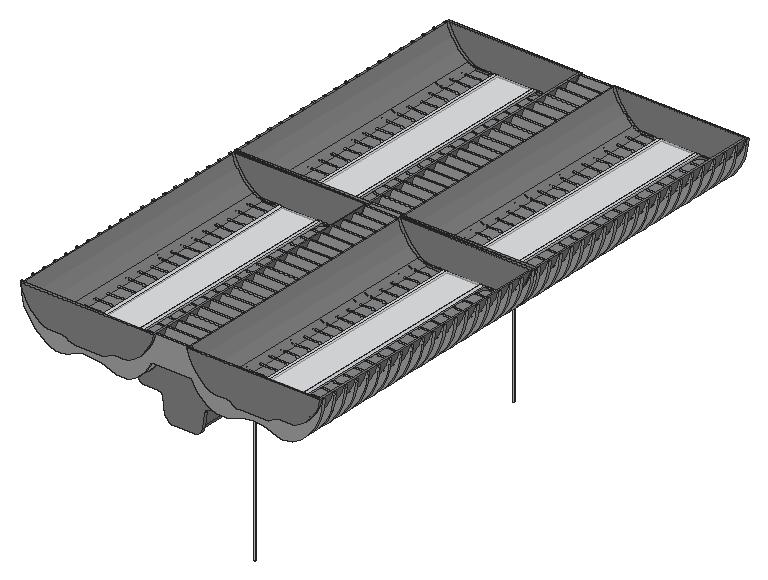
Revit family "0039265 Feilo Sylvania Lighting Fixtures SYLBAY LED 4000K 31KLM WIDE DALI", category Lighting Fixtures, host Face, Revit 2017
Family settings
  Host = Face
  Round Connector Dimension = Use Diameter
  Part Type = Normal
  OmniClass Number = 23.80.70.00
  OmniClass Title = Lighting
  Cut with Voids When Loaded = No
  Light Source = Yes
  Shared = No
  Room Calculation Point = No
Parameters (values of type "0039265 SYLBAY LED 4000K 31KLM WIDE DALI")
  WireRadius_FEILO = 1 mm
  Weight = "8.9 kg"
  Wattage Comments = "n/a"
  Wattage = 235 W
  WarrantyStartDate [instance] = "n/a"
  WarrantyGuarantorParts = "n/a"
  WarrantyDurationUnit = "n/a"
  WarrantyDurationParts = "n/a"
  WarrantyDescription = "n/a"
  built-in parameter 1150110 = 1 (stored number, unit not read)
  Voltage = 230 V
  URL = "http://www.sylvania-lighting.com"
  TypeName = "SYLBAY LED 4000K 31KLM WIDE DALI"
  Type Image = <None>
  Type Comments = "n/a"
  built-in parameter 1114217 = 1 (stored number, unit not read)
  Tilt Angle = -90.00°
  built-in parameter 1150109 = 1 (stored number, unit not read)
  built-in parameter 1150134 = 12
  SuspensionHeight_FEILO [instance] = if(SurfaceMounted_FEILO, 107 mm, SuspensionHeightEntry_FEILO)  # 300 mm
  SuspensionHeightEntry_FEILO [instance] = 300 mm
  SurfaceMounted_FEILO [instance] = no
  built-in parameter 1150113 = 1 (stored number, unit not read)
  SerialNumber [instance] = "n/a"
  ReflectorMaterial = none
  PowerFactor = 0
  PowerConsumption = "235 W"
  Photometric Web File = "0039265.ies"
  NominalLength = 650 mm
  NominalHeight = 105 mm
  NominalDepth = 375 mm
  Name = "SYLBAY LED 4000K 31KLM WIDE DALI"
  ModelReference = "SYLBAY LED 4000K 31KLM WIDE DALI"
  ModelNumber = "0039265"
  Model = "SYLBAY LED 4000K 31KLM WIDE DALI"
  Material = "aluminium housing"
  ManufacturerName = "Feilo Sylvania"
  Manufacturer = "Feilo Sylvania"
  LuminousEfficacy = "132.47 lm/W"
  built-in parameter 1150105 = 18309.6 (stored number, unit not read)
  Lumens = 31130.5 lm
  LuminaireType = ""
  built-in parameter 1150115 = 1 (stored number, unit not read)
  LightOutputRatio = "100"
  built-in parameter 1150137 = (empty or 0)
  built-in parameter 1150139 = (empty or 0)
  LampsType = Lamp  # "LED"
  LampNominalLuminous = "31130 lm"
  LampMacAdamStep = "n/a"
  LampColourTemperature = "4000 K"
  LampColourRenderingIndex = "80"
  built-in parameter 1150112 = 1 (stored number, unit not read)
  built-in parameter 1150114 = 1 (stored number, unit not read)
  Lamp = "LED"
  Keynote = "16500"
  InstallationDate [instance] = "n/a"
  InputVoltage = "220-240V~"
  InputNominalFrequency = "50/60 Hz"
  built-in parameter 1150132 = (empty or 0)
  built-in parameter 1150102 = (empty or 0)
  built-in parameter 1150107 = 4000 (stored number, unit not read)
  built-in parameter 1150138 = (empty or 0)
  IngressProtection = "IP65"
  ImpactProtectionIndex = "IK08"
  built-in parameter 1150106 = 183.1 (stored number, unit not read)
  IfcExportType = "IfcLightFixtureType"
  IfcExportAs = "IfcLightFixtureType"
  ExpectedLife = 50000
  Emit from Rectangle Width = 365 mm
  Emit from Rectangle Length = 645 mm
  Emit Shape Visible in Rendering = no
  ElectricShockClassification = "Class I"
  built-in parameter 1150104 = 12.307 (stored number, unit not read)
  DurationUnit = "hours"
  DocumentationLiterature = "http://www.sylvania-lighting.com/product/en-int/products/0039265"
  DimmingControlOptions = "Dimmable"
  Dimming Lamp Color Temperature Shift = <None>
  DiffuserMaterial = Diffuser-Sylvania-Sylbay-Transparent
  Description = "Specification industrial high bay luminaire, robust and durable, slim design, high output and efficiency, lightweight, aluminium housing with shatter-resistant polycarbonate lens optic, 31,100 lumens, 235W, 132lm/W, 4000K, 1750mA (x2), CRI 80, wide beam optic, DALI dimmable, IP65, IK08, 100,000 hrs (L90B10), (LxWxH) 665x375x105mm, 3 step MacAdam ellipse, 8.9kg, aluminium finish, Class 1, 220-240V, integrated LED, energy class: A++, A+, A."
  Default Elevation = 1219.2 mm
  CreatedOn = "17/11/2017"
  CreatedBy = ""
  Cost = 0
  Color Filter = 16777215
  built-in parameter 1114216 [instance] = (empty or 0)
  BodyMaterial = Body-Sylvania-Sylbay-Aluminium
  BarCode [instance] = "n/a"
  built-in parameter 1114218 = 1 (stored number, unit not read)
  built-in parameter 1150133 = 10 (stored number, unit not read)
  AssetType = "Fixed"
  AssetIdentifier [instance] = "n/a"
  Assembly Code = "D5020200"
  Apparent Load = 235 VA
  AccessoryMaterial = Accesory-Sylvania-Sylbay-White
Reference planes
  plane 1 "Center (Front/Back)": y = 0
  plane 2: z = 0
  plane 3 "Center (Left/Right)": x = 0
  plane 4: z = 300
  plane 5: y = -307
  plane 6: y = 200
  plane 7: y = -200
  plane 8: z = 237.522
  plane 9: z = 246.272
  plane 10: z = 227.522
  plane 11: z = 266.272
  plane 12: z = 256.272
  plane 13: z = 262.272
  plane 14: y = 307
  plane 15: y = -1
  plane 16: y = 1
  plane 17: y = -310
  plane 18: y = 310
  plane 19: z = 195
  plane 20: z = 193
Forms (mm)
  Extrusion 1, solid, material "Accesory-Sylvania-Sylbay-White" <- "AccessoryMaterial"
    sketch origin (0, 0, 0) x (1, 0, 0) y (0, 0, 1)
      loop
        arc (-39.258, 246.272) -> (-44.534, 242.283) -> (-50.507, 239.445) r 32.519
        arc (-50.507, 239.445) -> (-54.463, 232.388) -> (-48, 227.522) r 6.147
        line (-48, 227.522) -> (-32.102, 227.522)
        arc (-32.102, 227.522) -> (-26.92, 225.616) -> (-24.206, 220.808) r 8
        line (-24.206, 220.808) -> (-21.094, 201.713)
        arc (-21.094, 201.713) -> (-18.38, 196.905) -> (-13.198, 195) r 8
        line (-13.198, 195) -> (13.198, 195)
        arc (13.198, 195) -> (18.393, 196.916) -> (21.099, 201.746) r 8
        line (21.099, 201.746) -> (24.206, 220.808)
        arc (24.206, 220.808) -> (26.92, 225.616) -> (32.102, 227.522) r 8
        line (32.102, 227.522) -> (48, 227.522)
        arc (48, 227.522) -> (54.463, 232.388) -> (50.507, 239.445) r 6.147
        arc (50.507, 239.445) -> (44.534, 242.283) -> (39.258, 246.272) r 32.519
        arc (39.258, 246.272) -> (31.199, 255.531) -> (25.254, 266.272) r 58.361
        line (25.254, 266.272) -> (-25.254, 266.272)
        arc (-25.254, 266.272) -> (-31.199, 255.531) -> (-39.258, 246.272) r 58.361
    from -307 to 307
  Extrusion 2, solid, material "Body-Sylvania-Sylbay-Aluminium" <- "BodyMaterial", detail levels medium+fine
    sketch origin (0, 0, 0) x (1, 0, 0) y (0, 0, 1)
      loop
        arc (-32.102, 225.522) -> (-28.215, 224.093) -> (-26.18, 220.487) r 6
        line (-26.18, 220.487) -> (-23.068, 201.392)
        arc (-23.068, 201.392) -> (-19.676, 195.381) -> (-13.198, 193) r 10
        line (-13.198, 193) -> (13.198, 193)
        arc (13.198, 193) -> (19.69, 195.393) -> (23.074, 201.428) r 10
        line (23.074, 201.428) -> (26.18, 220.487)
        arc (26.18, 220.487) -> (28.215, 224.093) -> (32.102, 225.522) r 6
        line (32.102, 225.522) -> (47.932, 225.522)
        arc (47.932, 225.522) -> (54.718, 228.451) -> (56.343, 235.661) r 8.147
        arc (56.343, 235.661) -> (55.292, 237.506) -> (53.445, 238.553) r 4
        arc (53.445, 238.553) -> (45.865, 241.518) -> (39.258, 246.272) r 32.519
        arc (39.258, 246.272) -> (32.89, 253.237) -> (27.728, 261.137) r 58.361
        arc (27.728, 261.137) -> (25.523, 263.429) -> (22.456, 264.272) r 6
        line (22.456, 264.272) -> (-22.456, 264.272)
        arc (-22.456, 264.272) -> (-25.523, 263.429) -> (-27.728, 261.137) r 6
        arc (-27.728, 261.137) -> (-32.89, 253.237) -> (-39.258, 246.272) r 58.361
        arc (-39.258, 246.272) -> (-45.865, 241.518) -> (-53.445, 238.553) r 32.519
        arc (-53.445, 238.553) -> (-55.292, 237.506) -> (-56.343, 235.661) r 4
        arc (-56.343, 235.661) -> (-54.718, 228.451) -> (-47.932, 225.522) r 8.147
        line (-47.932, 225.522) -> (-32.102, 225.522)
    from 307 to 310
  Extrusion 3, solid, detail levels medium+fine
    sketch origin (0, 0, 0) x (1, 0, 0) y (0, 0, 1)
      loop
        line (-47.932, 225.522) -> (-32.102, 225.522)
        arc (-32.102, 225.522) -> (-28.215, 224.093) -> (-26.18, 220.487) r 6
        line (-26.18, 220.487) -> (-23.068, 201.392)
        arc (-23.068, 201.392) -> (-19.676, 195.381) -> (-13.198, 193) r 10
        line (-13.198, 193) -> (13.198, 193)
        arc (13.198, 193) -> (19.69, 195.393) -> (23.074, 201.428) r 10
        line (23.074, 201.428) -> (26.18, 220.487)
        arc (26.18, 220.487) -> (28.215, 224.093) -> (32.102, 225.522) r 6
        line (32.102, 225.522) -> (47.932, 225.522)
        arc (47.932, 225.522) -> (54.718, 228.451) -> (56.343, 235.661) r 8.147
        arc (56.343, 235.661) -> (55.292, 237.506) -> (53.445, 238.553) r 4
        arc (53.445, 238.553) -> (45.865, 241.518) -> (39.258, 246.272) r 32.519
        arc (39.258, 246.272) -> (32.89, 253.237) -> (27.728, 261.137) r 58.361
        arc (27.728, 261.137) -> (25.523, 263.429) -> (22.456, 264.272) r 6
        line (22.456, 264.272) -> (-22.456, 264.272)
        arc (-22.456, 264.272) -> (-25.523, 263.429) -> (-27.728, 261.137) r 6
        arc (-27.728, 261.137) -> (-32.89, 253.237) -> (-39.258, 246.272) r 58.361
        arc (-39.258, 246.272) -> (-45.865, 241.518) -> (-53.445, 238.553) r 32.519
        arc (-53.445, 238.553) -> (-55.292, 237.506) -> (-56.343, 235.661) r 4
        arc (-56.343, 235.661) -> (-54.718, 228.451) -> (-47.932, 225.522) r 8.147
    from -310 to -307
  Extrusion 4, solid
    sketch origin (-316.531, -4572, 195) x (-1, 0, 0) y (0, -1, 0)
      loop
        circle (-316.531, -4772) r 1
      loop
        circle (-316.531, -4372) r 1
    from 0 to -195
Dimensions and locks
  "SuspensionHeight_FEILO": plane 4 to plane 2
  equal spacing: plane 7, plane 1 "Center (Front/Back)", plane 6
  locked: plane 1 "Center (Front/Back)" to plane 6 at 200
  locked: plane 4 to plane 8 at 62.478
  locked: plane 4 to plane 9 at 53.728
  plane 4 to plane 10 = 72.478 mm
  locked: plane 4 to plane 11 at 33.728
  locked: plane 12 to plane 9 at 10
  locked: plane 13 to plane 12 at 6
  locked: plane 3 "Center (Left/Right)" to Extrusion 1 sketch curve at 48.447
  locked: Extrusion 1 sketch curve to plane 3 "Center (Left/Right)" at 48.447
  locked: plane 4 to Extrusion 1 sketch curve at 66.347  (x2)
  Extrusion 1 sketch curve to plane 3 "Center (Left/Right)" to Extrusion 1 sketch curve = 13.198 mm locked, 13.198 mm locked
  Extrusion 1 sketch curve to plane 3 "Center (Left/Right)" to Extrusion 1 sketch curve = 32.102 mm locked, 32.102 mm locked
  locked: plane 4 to Extrusion 1 sketch curve at 97  (x2)
  locked: plane 4 to Extrusion 1 sketch curve at 80.478  (x2)
  equal spacing: plane 15, plane 1 "Center (Front/Back)", plane 16
  locked: plane 10 to Extrusion 2 sketch curve at 2
  plane 10 to Extrusion 2 sketch curve = 2 mm
  locked: Extrusion 2 sketch curve to Extrusion 1 at 2  (x2)
  locked: Extrusion 2 sketch curve to plane 3 "Center (Left/Right)" at 52.466
  locked: plane 3 "Center (Left/Right)" to Extrusion 2 sketch curve at 52.466
  locked: plane 4 to Extrusion 2 sketch curve at 65.325  (x2)
  locked: plane 4 to Extrusion 2 sketch curve at 41.728  (x2)
  locked: plane 3 "Center (Left/Right)" to Extrusion 2 sketch curve at 22.456
  locked: Extrusion 2 sketch curve to plane 3 "Center (Left/Right)" at 22.456
  locked: plane 4 to plane 19 at 105
  locked: plane 19 to plane 20 at 2
  locked: plane 1 "Center (Front/Back)" to plane 18 at 310
  locked: plane 14 to plane 18 at 3
  locked: plane 17 to plane 1 "Center (Front/Back)" at 310
  locked: plane 17 to plane 5 at 3
  locked: plane 15 to plane 1 "Center (Front/Back)" at 1
  "WireRadius_FEILO": radius of Extrusion 4 sketch curve  (x2)
  aligned and locked: plane 2 to host face
  aligned and locked: level to host face
  aligned and locked: plane 10 to Extrusion 1 sketch curve
  aligned and locked: plane 5 to Extrusion 1
  aligned and locked: Extrusion 1 to plane 14
  aligned and locked: imposter light to plane 4
  aligned and locked: plane 3 "Center (Left/Right)" to imposter light
  aligned and locked: plane 1 "Center (Front/Back)" to imposter light
  aligned and locked: plane 17 to Extrusion 2
  aligned and locked: Extrusion 2 to plane 5
  aligned and locked: Extrusion 3 sketch curve to Extrusion 2  (x15)
  aligned and locked: Extrusion 3 to Extrusion 1
  aligned and locked: Extrusion 3 to plane 18
  aligned and locked: Extrusion 1 sketch curve to plane 19
  aligned and locked: plane 7 to Extrusion 4 sketch curve
  aligned and locked: plane 3 "Center (Left/Right)" to Extrusion 4 sketch curve  (x2)
  aligned and locked: plane 6 to Extrusion 4 sketch curve
  aligned and locked: Extrusion 1 to Extrusion 4
  aligned and locked: Extrusion 4 to level
  aligned and locked: plane 20 to Extrusion 2 sketch curve
  aligned and locked: plane 3 "Center (Left/Right)" to nested 1
  aligned and locked: plane 3 "Center (Left/Right)" to nested 22
  aligned and locked: plane 15 to nested 22
  aligned and locked: plane 16 to nested 1
Automatic sketch dimensions
  host sketch curve to host sketch curve = 2438.4 mm  (x2)
  Extrusion 1 sketch curve to plane 9 = 0 mm  (x4)
  Extrusion 1 sketch curve to plane 10 = 0 mm
  plane 11 to Extrusion 1 sketch curve = 3.811 mm
  Extrusion 1 sketch curve to Extrusion 1 sketch curve = 36.151 mm  (x2)
  Extrusion 1 sketch curve to plane 4 = 10.994 mm  (x2)
  Extrusion 1 sketch curve to plane 11 = 0 mm
  plane 9 to Extrusion 1 sketch curve = 23.811 mm
  Extrusion 1 sketch curve to plane 10 = 6.713 mm  (x2)
  plane 19 to Extrusion 1 sketch curve = 6.713 mm
  Extrusion 3 sketch curve to plane 10 = 7.035 mm  (x2)
  plane 19 to Extrusion 3 sketch curve = 6.392 mm
  plane 19 to Extrusion 1 sketch curve = 6.746 mm
  plane 19 to Extrusion 3 sketch curve = 6.428 mm
  plane 3 "Center (Left/Right)" to Extrusion 1 sketch curve = 25.254 mm
  Extrusion 1 sketch curve to Extrusion 1 sketch curve = 0.447 mm  (x2)
  Extrusion 1 sketch curve to Extrusion 1 sketch curve = 12.959 mm
  Extrusion 2 sketch curve to plane 9 = 0 mm  (x4)
  plane 11 to Extrusion 2 sketch curve = 3.811 mm  (x2)
  Extrusion 2 sketch curve to Extrusion 2 sketch curve = 8.939 mm  (x2)
  Extrusion 2 sketch curve to plane 4 = 10.994 mm  (x2)
  Extrusion 2 sketch curve to Extrusion 2 sketch curve = 17.6 mm  (x2)
  Extrusion 2 sketch curve to Extrusion 2 sketch curve = 4.02 mm  (x2)
  Extrusion 2 sketch curve to Extrusion 2 sketch curve = 0.514 mm
  Extrusion 2 sketch curve to plane 10 = 8 mm
  Extrusion 2 sketch curve to plane 10 = 7.035 mm  (x2)
  plane 19 to Extrusion 2 sketch curve = 6.392 mm
  plane 19 to Extrusion 2 sketch curve = 8 mm
  plane 3 "Center (Left/Right)" to Extrusion 2 sketch curve = 13.198 mm
  plane 19 to Extrusion 2 sketch curve = 6.428 mm
  Extrusion 2 sketch curve to Extrusion 2 sketch curve = 5.922 mm
  Extrusion 2 sketch curve to Extrusion 2 sketch curve = 4.534 mm
  Extrusion 2 sketch curve to plane 8 = 3.869 mm  (x2)
  Extrusion 2 sketch curve to plane 11 = 2 mm
  Extrusion 2 sketch curve to Extrusion 2 sketch curve = 0 mm  (x2)
Nested families
  nested 1: "SylbayBody" at (0, 166, 266.272), type "SylbayBody"
  nested 2: "SlybayRib" at (0, 310.453, 300), type "SylbayRib"
  nested 3: "SlybayRib" at (0, 293.406, 300), type "SylbayRib"
  nested 4: "SlybayRib" at (0, 276.358, 300), type "SylbayRib"
  nested 5: "SlybayRib" at (0, 259.311, 300), type "SylbayRib"
  nested 6: "SlybayRib" at (0, 242.264, 300), type "SylbayRib"
  nested 7: "SlybayRib" at (0, 225.217, 300), type "SylbayRib"
  nested 8: "SlybayRib" at (0, 208.169, 300), type "SylbayRib"
  nested 9: "SlybayRib" at (0, 191.122, 300), type "SylbayRib"
  nested 10: "SlybayRib" at (0, 327.5, 300), type "SylbayRib"
  nested 11: "SlybayRib" at (0, 21.547, 300), type "SylbayRib"
  nested 12: "SlybayRib" at (0, 38.594, 300), type "SylbayRib"
  nested 13: "SlybayRib" at (0, 55.642, 300), type "SylbayRib"
  nested 14: "SlybayRib" at (0, 72.689, 300), type "SylbayRib"
  nested 15: "SlybayRib" at (0, 89.736, 300), type "SylbayRib"
  nested 16: "SlybayRib" at (0, 106.783, 300), type "SylbayRib"
  nested 17: "SlybayRib" at (0, 123.831, 300), type "SylbayRib"
  nested 18: "SlybayRib" at (0, 140.878, 300), type "SylbayRib"
  nested 19: "SlybayRib" at (0, 4.5, 300), type "SylbayRib"
  nested 20: "SlybayRib" at (0, 174.075, 300), type "SylbayRib"
  nested 21: "SlybayRib" at (0, 157.925, 300), type "SylbayRib"
  nested 22: "SylbayBody" at (0, -166, 266.272), type "SylbayBody"
  nested 23: "SlybayRib" at (0, -21.547, 300), type "SylbayRib"
  nested 24: "SlybayRib" at (0, -38.594, 300), type "SylbayRib"
  nested 25: "SlybayRib" at (0, -55.642, 300), type "SylbayRib"
  nested 26: "SlybayRib" at (0, -72.689, 300), type "SylbayRib"
  nested 27: "SlybayRib" at (0, -89.736, 300), type "SylbayRib"
  nested 28: "SlybayRib" at (0, -106.783, 300), type "SylbayRib"
  nested 29: "SlybayRib" at (0, -123.831, 300), type "SylbayRib"
  nested 30: "SlybayRib" at (0, -140.878, 300), type "SylbayRib"
  nested 31: "SlybayRib" at (0, -4.5, 300), type "SylbayRib"
  nested 32: "SlybayRib" at (0, -310.453, 300), type "SylbayRib"
  nested 33: "SlybayRib" at (0, -293.406, 300), type "SylbayRib"
  nested 34: "SlybayRib" at (0, -276.358, 300), type "SylbayRib"
  nested 35: "SlybayRib" at (0, -259.311, 300), type "SylbayRib"
  nested 36: "SlybayRib" at (0, -242.264, 300), type "SylbayRib"
  nested 37: "SlybayRib" at (0, -225.217, 300), type "SylbayRib"
  nested 38: "SlybayRib" at (0, -208.169, 300), type "SylbayRib"
  nested 39: "SlybayRib" at (0, -191.122, 300), type "SylbayRib"
  nested 40: "SlybayRib" at (0, -327.5, 300), type "SylbayRib"
  nested 41: "SlybayRib" at (0, -157.925, 300), type "SylbayRib"
  nested 42: "SlybayRib" at (0, -174.075, 300), type "SylbayRib"
Connectors
  electrical at (0, 0, 0), driven by "Apparent Load"
    settings: index 1, voltage 230 V, apparent load 235 VA, apparent load phase1 0 VA, apparent load phase2 0 VA, apparent load phase3 0 VA, power factor 0, load classification "Lighting", number of poles 1, system type 30, power factor state 1, is connector primary yes, connector utility no, sub classification motor no, connector description ""
Definition of nested family "SylbayBody"
  Parameters (values of type "SylbayBody")
    URL = "http://www.feilosylvania.com"
    Type Image = (empty or 0)
    Type Comments = "n/a"
    RibLast_FEILO = 161.5 mm
    RibDistance_FEILO = RibLast_FEILO / 10  # 16.15 mm
    ReflectorMaterial = none
    Model = ""
    Manufacturer = "Feilo Sylvania"
    Keynote = ""
    DiffuserMaterial = none
    Description = "n/a"
    Default Elevation = 1219.2 mm
    Cost = 0
    BodyMaterial = none
    Assembly Code = "D5020200"
    AccessoryMaterial = none
  Reference planes
    plane 1 "Center (Front/Back)": y = 0
    plane 2: z = 0
    plane 3 "Center (Left/Right)": x = 0
    plane 4: x = -187.5
    plane 5: x = 187.5
    plane 6: z = 33.728
    plane 7: y = -165
    plane 8: y = 165
    plane 9: y = -148
    plane 10: y = 160
    plane 11: y = -160
    plane 12: z = -28.75
    plane 13: z = -20
    plane 14: x = -102.75
    plane 15: x = 102.75
    plane 16: z = 0
    plane 17: x = -185.5
    plane 18: x = -20
    plane 19: z = -10
    plane 20: x = -122.75
    plane 21: x = -82.75
    plane 22: z = -4
    plane 23: x = -130.75
    plane 24: x = -74.75
    plane 25: x = -145.75
    plane 26: x = -59.75
    plane 27: x = -25.3
    plane 28: x = -183.5
    plane 29: x = -22
    plane 30: y = -163
    plane 31: y = 163
    plane 32: x = 25.3
    plane 33: x = -48
    plane 34: x = 48
    plane 35: x = 20
    plane 36: y = 148
    plane 37: y = -161.5
    plane 38: y = 161.5
    plane 39: y = -8.075
    plane 40: y = 8.075
    plane 41: y = -151
    plane 42: y = 151
    plane 43: y = 149
    plane 44: y = 152
    plane 45: z = -2
    plane 46: z = 0
  Forms (mm)
    Extrusion 1, solid
      sketch origin (4.2, 0, 0) x (1, 0, 0) y (0, 1, 0)
        loop
          line (-1219.2, 1219.2) -> (-1219.2, -1219.2) -> (1219.2, -1219.2) -> (1219.2, 1219.2) -> (-1219.2, 1219.2)
      from 0 to -304.8
    Extrusion 2, solid, material <- "BodyMaterial", detail levels coarse+medium
      sketch origin (0, 0, -234.25) x (1, 0, 0) y (0, 0, 1)
        loop
          arc (-187.5, 267.978) -> (-180.003, 237.85) -> (-159.829, 214.25) r 67.598
          arc (-159.829, 214.25) -> (-143.258, 206.411) -> (-125.169, 209.379) r 30.791
          arc (-125.169, 209.379) -> (-113.533, 213.402) -> (-101.25, 214.25) r 46.777
          arc (-101.25, 214.25) -> (-87.202, 212.214) -> (-73.664, 207.942) r 87.865
          arc (-73.664, 207.942) -> (-55.541, 206.076) -> (-39.258, 214.25) r 32.519
          arc (-39.258, 214.25) -> (-31.199, 223.509) -> (-25.254, 234.25) r 58.361
          line (-25.254, 234.25) -> (25.254, 234.25)
          arc (25.254, 234.25) -> (31.199, 223.509) -> (39.258, 214.25) r 58.361
          arc (39.258, 214.25) -> (55.541, 206.076) -> (73.664, 207.942) r 32.519
          arc (73.664, 207.942) -> (87.202, 212.214) -> (101.25, 214.25) r 87.865
          arc (101.25, 214.25) -> (113.533, 213.402) -> (125.169, 209.379) r 46.777
          arc (125.169, 209.379) -> (143.258, 206.411) -> (159.829, 214.25) r 30.791
          arc (159.829, 214.25) -> (180.003, 237.85) -> (187.5, 267.978) r 67.598
          line (187.5, 267.978) -> (185.5, 267.978)
          arc (185.5, 267.978) -> (176.042, 248.665) -> (160.084, 234.25) r 56.823
          arc (160.084, 234.25) -> (153.191, 231.269) -> (145.75, 230.25) r 27.682
          line (145.75, 230.25) -> (132.583, 230.25)
          arc (132.583, 230.25) -> (129.421, 229.737) -> (126.583, 228.25) r 10
          line (126.583, 228.25) -> (123.917, 226.25)
          arc (123.917, 226.25) -> (121.079, 224.763) -> (117.917, 224.25) r 10
          line (117.917, 224.25) -> (84.583, 224.25)
          arc (84.583, 224.25) -> (81.421, 224.763) -> (78.583, 226.25) r 10
          line (78.583, 226.25) -> (75.917, 228.25)
          arc (75.917, 228.25) -> (73.079, 229.737) -> (69.917, 230.25) r 10
          line (69.917, 230.25) -> (58.25, 230.25)
          arc (58.25, 230.25) -> (51.55, 231.273) -> (45.461, 234.25) r 22.443
          arc (45.461, 234.25) -> (30.027, 249.073) -> (20, 267.978) r 67.602
          line (20, 267.978) -> (-20, 267.978)
          arc (-20, 267.978) -> (-30.027, 249.073) -> (-45.461, 234.25) r 67.602
          arc (-45.461, 234.25) -> (-51.55, 231.273) -> (-58.25, 230.25) r 22.443
          line (-58.25, 230.25) -> (-69.917, 230.25)
          arc (-69.917, 230.25) -> (-73.079, 229.737) -> (-75.917, 228.25) r 10
          line (-75.917, 228.25) -> (-78.583, 226.25)
          arc (-78.583, 226.25) -> (-81.421, 224.763) -> (-84.583, 224.25) r 10
          line (-84.583, 224.25) -> (-117.917, 224.25)
          arc (-117.917, 224.25) -> (-121.079, 224.763) -> (-123.917, 226.25) r 10
          line (-123.917, 226.25) -> (-126.583, 228.25)
          arc (-126.583, 228.25) -> (-129.421, 229.737) -> (-132.583, 230.25) r 10
          line (-132.583, 230.25) -> (-145.75, 230.25)
          arc (-145.75, 230.25) -> (-153.191, 231.269) -> (-160.084, 234.25) r 27.682
          arc (-160.084, 234.25) -> (-176.042, 248.665) -> (-185.5, 267.978) r 56.823
          line (-185.5, 267.978) -> (-187.5, 267.978)
      from 160 to -160
    Extrusion 3, solid, material <- "BodyMaterial"
      sketch origin (0, 0, -234.25) x (1, 0, 0) y (0, 0, 1)
        loop
          arc (-145.75, 230.25) -> (-152.168, 231.276) -> (-157.947, 234.25) r 20.597
          arc (-157.947, 234.25) -> (-173.175, 249.257) -> (-183.5, 267.978) r 74.319
          line (-183.5, 267.978) -> (-185.5, 267.978)
          arc (-185.5, 267.978) -> (-176.042, 248.665) -> (-160.084, 234.25) r 56.823
          arc (-160.084, 234.25) -> (-153.191, 231.269) -> (-145.75, 230.25) r 27.682
        loop
          arc (-45.461, 234.25) -> (-30.027, 249.073) -> (-20, 267.978) r 67.602
          line (-20, 267.978) -> (-22, 267.978)
          arc (-22, 267.978) -> (-31.964, 249.398) -> (-46.63, 234.25) r 76.357
          arc (-46.63, 234.25) -> (-52.105, 231.278) -> (-58.25, 230.25) r 18.878
          arc (-58.25, 230.25) -> (-51.55, 231.273) -> (-45.461, 234.25) r 22.443
        loop
          arc (145.75, 230.25) -> (153.191, 231.269) -> (160.084, 234.25) r 27.682
          arc (160.084, 234.25) -> (176.042, 248.665) -> (185.5, 267.978) r 56.823
          line (185.5, 267.978) -> (183.5, 267.978)
          arc (183.5, 267.978) -> (173.175, 249.257) -> (157.947, 234.25) r 74.319
          arc (157.947, 234.25) -> (152.168, 231.276) -> (145.75, 230.25) r 20.597
        loop
          arc (45.461, 234.25) -> (51.55, 231.273) -> (58.25, 230.25) r 22.443
          arc (58.25, 230.25) -> (52.105, 231.278) -> (46.63, 234.25) r 18.878
          arc (46.63, 234.25) -> (31.964, 249.398) -> (22, 267.978) r 76.357
          line (22, 267.978) -> (20, 267.978)
          arc (20, 267.978) -> (30.027, 249.073) -> (45.461, 234.25) r 67.602
      from -160 to 160
    Extrusion 4, solid, material <- "BodyMaterial"
      sketch origin (0, -165, -843.85) x (0, 0, -1) y (1, 0, 0)
        loop
          arc (-837.85, -132.583) -> (-837.439, -130.054) -> (-836.25, -127.783) r 8
          line (-836.25, -127.783) -> (-834.25, -125.117)
          arc (-834.25, -125.117) -> (-832.466, -121.711) -> (-831.85, -117.917) r 12
          line (-831.85, -117.917) -> (-831.85, -84.583)
          arc (-831.85, -84.583) -> (-832.466, -80.789) -> (-834.25, -77.383) r 12
          line (-834.25, -77.383) -> (-836.25, -74.717)
          arc (-836.25, -74.717) -> (-837.439, -72.446) -> (-837.85, -69.917) r 8
          line (-837.85, -69.917) -> (-837.85, -58.25)
          arc (-837.85, -58.25) -> (-838.965, -50.953) -> (-842.206, -44.322) r 24.443
          arc (-842.206, -44.322) -> (-857.666, -28.923) -> (-877.578, -20) r 60.581
          line (-877.578, -20) -> (-877.578, -22)
          arc (-877.578, -22) -> (-858.998, -31.964) -> (-843.85, -46.63) r 76.357
          arc (-843.85, -46.63) -> (-840.878, -52.105) -> (-839.85, -58.25) r 18.878
          line (-839.85, -58.25) -> (-839.85, -69.917)
          arc (-839.85, -69.917) -> (-839.337, -73.079) -> (-837.85, -75.917) r 10
          line (-837.85, -75.917) -> (-835.85, -78.583)
          arc (-835.85, -78.583) -> (-834.363, -81.421) -> (-833.85, -84.583) r 10
          line (-833.85, -84.583) -> (-833.85, -117.917)
          arc (-833.85, -117.917) -> (-834.363, -121.079) -> (-835.85, -123.917) r 10
          line (-835.85, -123.917) -> (-837.85, -126.583)
          arc (-837.85, -126.583) -> (-839.337, -129.421) -> (-839.85, -132.583) r 10
          line (-839.85, -132.583) -> (-839.85, -145.75)
          arc (-839.85, -145.75) -> (-840.876, -152.168) -> (-843.85, -157.947) r 20.597
          arc (-843.85, -157.947) -> (-858.857, -173.175) -> (-877.578, -183.5) r 74.319
          line (-877.578, -183.5) -> (-877.578, -185.5)
          arc (-877.578, -185.5) -> (-857.235, -177.123) -> (-842.139, -161.119) r 52.287
          arc (-842.139, -161.119) -> (-838.942, -153.728) -> (-837.85, -145.75) r 29.682
          line (-837.85, -145.75) -> (-837.85, -132.583)
        loop
          line (-837.85, 132.583) -> (-837.85, 145.75)
          arc (-837.85, 145.75) -> (-838.942, 153.728) -> (-842.139, 161.119) r 29.682
          arc (-842.139, 161.119) -> (-857.235, 177.123) -> (-877.578, 185.5) r 52.287
          line (-877.578, 185.5) -> (-877.578, 183.5)
          arc (-877.578, 183.5) -> (-858.857, 173.175) -> (-843.85, 157.947) r 74.319
          arc (-843.85, 157.947) -> (-840.876, 152.168) -> (-839.85, 145.75) r 20.597
          line (-839.85, 145.75) -> (-839.85, 132.583)
          arc (-839.85, 132.583) -> (-839.337, 129.421) -> (-837.85, 126.583) r 10
          line (-837.85, 126.583) -> (-835.85, 123.917)
          arc (-835.85, 123.917) -> (-834.363, 121.079) -> (-833.85, 117.917) r 10
          line (-833.85, 117.917) -> (-833.85, 84.583)
          arc (-833.85, 84.583) -> (-834.363, 81.421) -> (-835.85, 78.583) r 10
          line (-835.85, 78.583) -> (-837.85, 75.917)
          arc (-837.85, 75.917) -> (-839.337, 73.079) -> (-839.85, 69.917) r 10
          line (-839.85, 69.917) -> (-839.85, 58.25)
          arc (-839.85, 58.25) -> (-840.878, 52.105) -> (-843.85, 46.63) r 18.878
          arc (-843.85, 46.63) -> (-858.998, 31.964) -> (-877.578, 22) r 76.357
          line (-877.578, 22) -> (-877.578, 20)
          arc (-877.578, 20) -> (-857.666, 28.923) -> (-842.206, 44.322) r 60.581
          arc (-842.206, 44.322) -> (-838.965, 50.953) -> (-837.85, 58.25) r 24.443
          line (-837.85, 58.25) -> (-837.85, 69.917)
          arc (-837.85, 69.917) -> (-837.439, 72.446) -> (-836.25, 74.717) r 8
          line (-836.25, 74.717) -> (-834.25, 77.383)
          arc (-834.25, 77.383) -> (-832.466, 80.789) -> (-831.85, 84.583) r 12
          line (-831.85, 84.583) -> (-831.85, 117.917)
          arc (-831.85, 117.917) -> (-832.466, 121.711) -> (-834.25, 125.117) r 12
          line (-834.25, 125.117) -> (-836.25, 127.783)
          arc (-836.25, 127.783) -> (-837.439, 130.054) -> (-837.85, 132.583) r 8
      from -2 to -5
    Extrusion 5, solid, material <- "BodyMaterial"
      sketch origin (0, 165, -843.85) x (0, 0, -1) y (1, 0, 0)
        loop
          line (-831.85, -117.917) -> (-831.85, -84.583)
          arc (-831.85, -84.583) -> (-832.466, -80.789) -> (-834.25, -77.383) r 12
          line (-834.25, -77.383) -> (-836.25, -74.717)
          arc (-836.25, -74.717) -> (-837.439, -72.446) -> (-837.85, -69.917) r 8
          line (-837.85, -69.917) -> (-837.85, -58.25)
          arc (-837.85, -58.25) -> (-838.965, -50.953) -> (-842.206, -44.322) r 24.443
          arc (-842.206, -44.322) -> (-857.666, -28.923) -> (-877.578, -20) r 60.581
          line (-877.578, -20) -> (-877.578, -22)
          arc (-877.578, -22) -> (-858.998, -31.964) -> (-843.85, -46.63) r 76.357
          arc (-843.85, -46.63) -> (-840.878, -52.105) -> (-839.85, -58.25) r 18.878
          line (-839.85, -58.25) -> (-839.85, -69.917)
          arc (-839.85, -69.917) -> (-839.337, -73.079) -> (-837.85, -75.917) r 10
          line (-837.85, -75.917) -> (-835.85, -78.583)
          arc (-835.85, -78.583) -> (-834.363, -81.421) -> (-833.85, -84.583) r 10
          line (-833.85, -84.583) -> (-833.85, -117.917)
          arc (-833.85, -117.917) -> (-834.363, -121.079) -> (-835.85, -123.917) r 10
          line (-835.85, -123.917) -> (-837.85, -126.583)
          arc (-837.85, -126.583) -> (-839.337, -129.421) -> (-839.85, -132.583) r 10
          line (-839.85, -132.583) -> (-839.85, -145.75)
          arc (-839.85, -145.75) -> (-840.876, -152.168) -> (-843.85, -157.947) r 20.597
          arc (-843.85, -157.947) -> (-858.857, -173.175) -> (-877.578, -183.5) r 74.319
          line (-877.578, -183.5) -> (-877.578, -185.5)
          arc (-877.578, -185.5) -> (-857.235, -177.123) -> (-842.139, -161.119) r 52.287
          arc (-842.139, -161.119) -> (-838.942, -153.728) -> (-837.85, -145.75) r 29.682
          line (-837.85, -145.75) -> (-837.85, -132.583)
          arc (-837.85, -132.583) -> (-837.439, -130.054) -> (-836.25, -127.783) r 8
          line (-836.25, -127.783) -> (-834.25, -125.117)
          arc (-834.25, -125.117) -> (-832.466, -121.711) -> (-831.85, -117.917) r 12
        loop
          line (-831.85, 84.583) -> (-831.85, 117.917)
          arc (-831.85, 117.917) -> (-832.466, 121.711) -> (-834.25, 125.117) r 12
          line (-834.25, 125.117) -> (-836.25, 127.783)
          arc (-836.25, 127.783) -> (-837.439, 130.054) -> (-837.85, 132.583) r 8
          line (-837.85, 132.583) -> (-837.85, 145.75)
          arc (-837.85, 145.75) -> (-838.942, 153.728) -> (-842.139, 161.119) r 29.682
          arc (-842.139, 161.119) -> (-857.235, 177.123) -> (-877.578, 185.5) r 52.287
          line (-877.578, 185.5) -> (-877.578, 183.5)
          arc (-877.578, 183.5) -> (-858.857, 173.175) -> (-843.85, 157.947) r 74.319
          arc (-843.85, 157.947) -> (-840.876, 152.168) -> (-839.85, 145.75) r 20.597
          line (-839.85, 145.75) -> (-839.85, 132.583)
          arc (-839.85, 132.583) -> (-839.337, 129.421) -> (-837.85, 126.583) r 10
          line (-837.85, 126.583) -> (-835.85, 123.917)
          arc (-835.85, 123.917) -> (-834.363, 121.079) -> (-833.85, 117.917) r 10
          line (-833.85, 117.917) -> (-833.85, 84.583)
          arc (-833.85, 84.583) -> (-834.363, 81.421) -> (-835.85, 78.583) r 10
          line (-835.85, 78.583) -> (-837.85, 75.917)
          arc (-837.85, 75.917) -> (-839.337, 73.079) -> (-839.85, 69.917) r 10
          line (-839.85, 69.917) -> (-839.85, 58.25)
          arc (-839.85, 58.25) -> (-840.878, 52.105) -> (-843.85, 46.63) r 18.878
          arc (-843.85, 46.63) -> (-858.998, 31.964) -> (-877.578, 22) r 76.357
          line (-877.578, 22) -> (-877.578, 20)
          arc (-877.578, 20) -> (-857.666, 28.923) -> (-842.206, 44.322) r 60.581
          arc (-842.206, 44.322) -> (-838.965, 50.953) -> (-837.85, 58.25) r 24.443
          line (-837.85, 58.25) -> (-837.85, 69.917)
          arc (-837.85, 69.917) -> (-837.439, 72.446) -> (-836.25, 74.717) r 8
          line (-836.25, 74.717) -> (-834.25, 77.383)
          arc (-834.25, 77.383) -> (-832.466, 80.789) -> (-831.85, 84.583) r 12
      from 2 to 5
    Extrusion 6, solid, material <- "BodyMaterial"
      sketch origin (0, 165, -843.85) x (0, 0, -1) y (1, 0, 0)
        loop
          arc (-842.206, -44.322) -> (-857.666, -28.923) -> (-877.578, -20) r 60.581
          line (-877.578, -20) -> (-877.578, -185.5)
          arc (-877.578, -185.5) -> (-857.235, -177.123) -> (-842.139, -161.119) r 52.287
          arc (-842.139, -161.119) -> (-838.942, -153.728) -> (-837.85, -145.75) r 29.682
          line (-837.85, -145.75) -> (-837.85, -132.583)
          arc (-837.85, -132.583) -> (-837.439, -130.054) -> (-836.25, -127.783) r 8
          line (-836.25, -127.783) -> (-834.25, -125.117)
          arc (-834.25, -125.117) -> (-832.466, -121.711) -> (-831.85, -117.917) r 12
          line (-831.85, -117.917) -> (-831.85, -84.583)
          arc (-831.85, -84.583) -> (-832.466, -80.789) -> (-834.25, -77.383) r 12
          line (-834.25, -77.383) -> (-836.25, -74.717)
          arc (-836.25, -74.717) -> (-837.439, -72.446) -> (-837.85, -69.917) r 8
          line (-837.85, -69.917) -> (-837.85, -58.25)
          arc (-837.85, -58.25) -> (-838.965, -50.953) -> (-842.206, -44.322) r 24.443
        loop
          arc (-877.578, 20) -> (-857.666, 28.923) -> (-842.206, 44.322) r 60.581
          arc (-842.206, 44.322) -> (-838.965, 50.953) -> (-837.85, 58.25) r 24.443
          line (-837.85, 58.25) -> (-837.85, 69.917)
          arc (-837.85, 69.917) -> (-837.439, 72.446) -> (-836.25, 74.717) r 8
          line (-836.25, 74.717) -> (-834.25, 77.383)
          arc (-834.25, 77.383) -> (-832.466, 80.789) -> (-831.85, 84.583) r 12
          line (-831.85, 84.583) -> (-831.85, 117.917)
          arc (-831.85, 117.917) -> (-832.466, 121.711) -> (-834.25, 125.117) r 12
          line (-834.25, 125.117) -> (-836.25, 127.783)
          arc (-836.25, 127.783) -> (-837.439, 130.054) -> (-837.85, 132.583) r 8
          line (-837.85, 132.583) -> (-837.85, 145.75)
          arc (-837.85, 145.75) -> (-838.942, 153.728) -> (-842.139, 161.119) r 29.682
          arc (-842.139, 161.119) -> (-857.235, 177.123) -> (-877.578, 185.5) r 52.287
          line (-877.578, 185.5) -> (-877.578, 20)
      from 0 to 2
    Extrusion 7, solid, material <- "BodyMaterial"
      sketch origin (0, -165, -843.85) x (0, 0, -1) y (1, 0, 0)
        loop
          line (-877.578, -20) -> (-877.578, -185.5)
          arc (-877.578, -185.5) -> (-857.235, -177.123) -> (-842.139, -161.119) r 52.287
          arc (-842.139, -161.119) -> (-838.942, -153.728) -> (-837.85, -145.75) r 29.682
          line (-837.85, -145.75) -> (-837.85, -132.583)
          arc (-837.85, -132.583) -> (-837.439, -130.054) -> (-836.25, -127.783) r 8
          line (-836.25, -127.783) -> (-834.25, -125.117)
          arc (-834.25, -125.117) -> (-832.466, -121.711) -> (-831.85, -117.917) r 12
          line (-831.85, -117.917) -> (-831.85, -84.583)
          arc (-831.85, -84.583) -> (-832.466, -80.789) -> (-834.25, -77.383) r 12
          line (-834.25, -77.383) -> (-836.25, -74.717)
          arc (-836.25, -74.717) -> (-837.439, -72.446) -> (-837.85, -69.917) r 8
          line (-837.85, -69.917) -> (-837.85, -58.25)
          arc (-837.85, -58.25) -> (-838.965, -50.953) -> (-842.206, -44.322) r 24.443
          arc (-842.206, -44.322) -> (-857.666, -28.923) -> (-877.578, -20) r 60.581
        loop
          line (-877.578, 185.5) -> (-877.578, 20)
          arc (-877.578, 20) -> (-857.666, 28.923) -> (-842.206, 44.322) r 60.581
          arc (-842.206, 44.322) -> (-838.965, 50.953) -> (-837.85, 58.25) r 24.443
          line (-837.85, 58.25) -> (-837.85, 69.917)
          arc (-837.85, 69.917) -> (-837.439, 72.446) -> (-836.25, 74.717) r 8
          line (-836.25, 74.717) -> (-834.25, 77.383)
          arc (-834.25, 77.383) -> (-832.466, 80.789) -> (-831.85, 84.583) r 12
          line (-831.85, 84.583) -> (-831.85, 117.917)
          arc (-831.85, 117.917) -> (-832.466, 121.711) -> (-834.25, 125.117) r 12
          line (-834.25, 125.117) -> (-836.25, 127.783)
          arc (-836.25, 127.783) -> (-837.439, 130.054) -> (-837.85, 132.583) r 8
          line (-837.85, 132.583) -> (-837.85, 145.75)
          arc (-837.85, 145.75) -> (-838.942, 153.728) -> (-842.139, 161.119) r 29.682
          arc (-842.139, 161.119) -> (-857.235, 177.123) -> (-877.578, 185.5) r 52.287
      from 0 to -2
    Extrusion 8, solid, detail levels medium+fine
      sketch origin (0, 0, -234.25) x (1, 0, 0) y (0, 0, 1)
        loop
          arc (-123.917, 226.25) -> (-121.079, 224.763) -> (-117.917, 224.25) r 10
          line (-117.917, 224.25) -> (-84.583, 224.25)
          arc (-84.583, 224.25) -> (-81.421, 224.763) -> (-78.583, 226.25) r 10
          line (-78.583, 226.25) -> (-75.917, 228.25)
          arc (-75.917, 228.25) -> (-75.417, 229.25) -> (-75.917, 230.25) r 1.25
          line (-75.917, 230.25) -> (-79.782, 230.25) -> (-79.782, 228.278) -> (-122.75, 228.278) -> (-122.75, 230.25) -> (-126.583, 230.25)
          arc (-126.583, 230.25) -> (-127.083, 229.25) -> (-126.583, 228.25) r 1.25
          line (-126.583, 228.25) -> (-123.917, 226.25)
        loop
          line (123.917, 226.25) -> (126.583, 228.25)
          arc (126.583, 228.25) -> (127.083, 229.25) -> (126.583, 230.25) r 1.25
          line (126.583, 230.25) -> (122.75, 230.25) -> (122.75, 228.278) -> (79.782, 228.278) -> (79.782, 230.25) -> (75.917, 230.25)
          arc (75.917, 230.25) -> (75.417, 229.25) -> (75.917, 228.25) r 1.25
          line (75.917, 228.25) -> (78.583, 226.25)
          arc (78.583, 226.25) -> (81.421, 224.763) -> (84.583, 224.25) r 10
          line (84.583, 224.25) -> (117.917, 224.25)
          arc (117.917, 224.25) -> (121.079, 224.763) -> (123.917, 226.25) r 10
      from -163 to 163
    Extrusion 9, solid, material <- "DiffuserMaterial", detail levels medium+fine
      sketch origin (0, 0, -234.25) x (1, 0, 0) y (0, 0, 1)
        loop
          line (-122.75, 230.25) -> (-122.75, 228.278) -> (-79.782, 228.278) -> (-79.782, 230.25) -> (-122.75, 230.25)
        loop
          line (79.782, 230.25) -> (79.782, 228.278) -> (122.75, 228.278) -> (122.75, 230.25) -> (79.782, 230.25)
      from -163 to 163
  Cuts and joins
    joined: Extrusion 3, Extrusion 4, Extrusion 5, Extrusion 6, Extrusion 7
  Dimensions and locks
    equal spacing: plane 5, plane 3 "Center (Left/Right)", plane 4
    locked: plane 5 to plane 4 at 375
    equal spacing: plane 7, plane 1 "Center (Front/Back)", plane 8
    locked: plane 7 to plane 8 at 330
    locked: plane 6 to plane 12 at 62.478
    locked: plane 6 to plane 13 at 53.728
    equal spacing: plane 15, plane 3 "Center (Left/Right)", plane 14
    plane 3 "Center (Left/Right)" to plane 14 = 102.75 mm
    locked: plane 6 to plane 16 at 33.728
    equal spacing: plane 18, plane 14, plane 17
    locked: plane 19 to plane 13 at 10
    equal spacing: plane 21, plane 14, plane 20
    locked: plane 14 to plane 20 at 20
    locked: plane 22 to plane 19 at 6
    equal spacing: plane 24, plane 14, plane 23
    locked: plane 20 to plane 23 at 8
    equal spacing: plane 26, plane 14, plane 25
    locked: plane 23 to plane 25 at 15
    locked: plane 18 to plane 27 at 5.3
    locked: plane 3 "Center (Left/Right)" to Extrusion 2 sketch curve at 83.982  (x2)
    locked: plane 3 "Center (Left/Right)" to Extrusion 2 sketch curve at 79.005  (x2)
    locked: plane 3 "Center (Left/Right)" to Extrusion 2 sketch curve at 119.907  (x2)
    locked: plane 3 "Center (Left/Right)" to Extrusion 2 sketch curve at 61.405  (x2)
    locked: plane 3 "Center (Left/Right)" to Extrusion 2 sketch curve at 138.973  (x2)
    locked: plane 3 "Center (Left/Right)" to Extrusion 2 sketch curve at 84.583  (x2)
    locked: plane 3 "Center (Left/Right)" to Extrusion 2 sketch curve at 117.917  (x2)
    locked: plane 3 "Center (Left/Right)" to Extrusion 2 sketch curve at 132.583  (x2)
    locked: plane 3 "Center (Left/Right)" to Extrusion 2 sketch curve at 69.917  (x2)
    locked: Extrusion 2 sketch curve to plane 6 at 21.825  (x2)
    locked: Extrusion 2 sketch curve to plane 6 at 0.822  (x2)
    locked: plane 6 to Extrusion 2 sketch curve at 10.994  (x2)
    locked: plane 6 to Extrusion 2 sketch curve at 15.285  (x2)
    locked: plane 6 to Extrusion 2 sketch curve at 31.076  (x2)
    locked: plane 6 to Extrusion 2 sketch curve at 33.728  (x4)
    locked: plane 6 to Extrusion 2 sketch curve at 29.917  (x2)
    locked: plane 6 to Extrusion 2 sketch curve at 47.728  (x4)
    locked: plane 6 to Extrusion 2 sketch curve at 100.413  (x2)
    locked: plane 6 to Extrusion 2 sketch curve at 141.419  (x2)
    locked: plane 3 "Center (Left/Right)" to Extrusion 2 sketch curve at 106.788  (x2)
    locked: plane 3 "Center (Left/Right)" to Extrusion 2 sketch curve at 104.198  (x2)
    locked: plane 3 "Center (Left/Right)" to Extrusion 2 sketch curve at 145.75  (x2)
    locked: plane 6 to Extrusion 2 sketch curve at 10.046  (x2)
    locked: Extrusion 2 sketch curve to plane 6 at 14.884  (x2)
    locked: plane 3 "Center (Left/Right)" to Extrusion 2 sketch curve at 130.661  (x2)
    equal spacing: plane 29, plane 14, plane 28
    locked: plane 28 to plane 17 at 2
    locked: plane 3 "Center (Left/Right)" to Extrusion 3 sketch curve at 58.25  (x2)
    locked: plane 3 "Center (Left/Right)" to Extrusion 3 sketch curve at 93.629  (x2)
    locked: plane 3 "Center (Left/Right)" to Extrusion 3 sketch curve at 113.936  (x2)
    locked: plane 3 "Center (Left/Right)" to Extrusion 3 sketch curve at 145.75  (x2)
    locked: plane 6 to Extrusion 3 sketch curve at 18.85  (x2)
    locked: plane 6 to Extrusion 3 sketch curve at 17.131  (x2)
    equal spacing: plane 11, plane 1 "Center (Front/Back)", plane 10
    plane 11 to plane 1 "Center (Front/Back)" = 160 mm
    equal spacing: plane 30, plane 1 "Center (Front/Back)", plane 31
    locked: plane 7 to plane 30 at 2
    locked: plane 22 to Extrusion 4 sketch curve at 2  (x4)
    locked: plane 19 to Extrusion 4 sketch curve at 2  (x2)
    locked: Extrusion 2 to Extrusion 4 sketch curve at 2  (x3)
    locked: Extrusion 4 sketch curve to Extrusion 2 at 2
    locked: Extrusion 8 sketch curve to plane 20 at 42.968
    locked: plane 22 to Extrusion 8 sketch curve at 1.972  (x2)
    locked: Extrusion 8 sketch curve to Extrusion 8 sketch curve at 42.968
    locked: plane 15 to Extrusion 8 sketch curve at 22.968
    equal spacing: plane 32, plane 3 "Center (Left/Right)", plane 27
    equal spacing: plane 34, plane 3 "Center (Left/Right)", plane 33
    plane 3 "Center (Left/Right)" to plane 33 = 48 mm
    equal spacing: plane 35, plane 3 "Center (Left/Right)", plane 18
    locked: plane 3 "Center (Left/Right)" to plane 18 at 20
    equal spacing: plane 9, plane 1 "Center (Front/Back)", plane 36
    locked: plane 9 to plane 1 "Center (Front/Back)" at 148
    equal spacing: plane 37, plane 1 "Center (Front/Back)", plane 38
    "RibLast_FEILO": plane 37 to plane 1 "Center (Front/Back)"
    equal spacing: plane 39, plane 1 "Center (Front/Back)", plane 40
    "RibDistance_FEILO": plane 39 to plane 40
    equal spacing: group 1, group 3, group 4, group 5, group 6, group 7, group 8, group 9, group 10, group 2  (x2)
    equal spacing: group 2, group 10, group 9, group 8, group 7, group 6, group 5, group 4, group 3, group 1
    equal spacing: group 11, group 13, group 14, group 15, group 16, group 17, group 18, group 19, group 20, group 12  (x3)
    equal spacing: plane 41, plane 1 "Center (Front/Back)", plane 42
    locked: plane 36 to plane 42 at 3
    locked: plane 36 to plane 43 at 1
    locked: plane 36 to plane 44 at 4
    locked: plane 16 to plane 45 at 2
    aligned and locked: plane 2 to Extrusion 1
    aligned and locked: level to Extrusion 1
    aligned and locked: plane 6 to Extrusion 2 sketch curve  (x2)
    aligned and locked: plane 4 to Extrusion 2 sketch curve
    aligned and locked: plane 22 to Extrusion 2 sketch curve
    aligned and locked: plane 19 to Extrusion 2 sketch curve
    aligned and locked: Extrusion 2 sketch curve to plane 22
    aligned and locked: plane 13 to Extrusion 2 sketch curve  (x3)
    aligned and locked: plane 11 to Extrusion 2
    aligned and locked: plane 17 to Extrusion 2 sketch curve
    aligned and locked: plane 25 to Extrusion 2 sketch curve
    aligned and locked: Extrusion 2 sketch curve to plane 6  (x3)
    aligned and locked: Extrusion 2 sketch curve to plane 16
    aligned and locked: Extrusion 3 sketch curve to Extrusion 2  (x5)
    aligned and locked: plane 16 to Extrusion 3 sketch curve
    aligned and locked: plane 28 to Extrusion 3 sketch curve
    aligned and locked: plane 6 to Extrusion 3 sketch curve  (x2)
    aligned and locked: plane 29 to Extrusion 3 sketch curve
    aligned and locked: Extrusion 3 sketch curve to plane 6  (x2)
    aligned and locked: Extrusion 2 to plane 10
    aligned and locked: Extrusion 3 to plane 10
    aligned and locked: plane 11 to Extrusion 3
    aligned and locked: Extrusion 4 sketch curve to Extrusion 3  (x6)
    aligned and locked: Extrusion 4 sketch curve to Extrusion 2  (x4)
    aligned and locked: Extrusion 4 to plane 11
    aligned and locked: Extrusion 5 sketch curve to Extrusion 4  (x36)
    aligned and locked: plane 10 to Extrusion 5
    aligned and locked: Extrusion 5 to plane 31
    aligned and locked: plane 30 to Extrusion 4
    aligned and locked: Extrusion 6 sketch curve to Extrusion 4  (x16)
    aligned and locked: Extrusion 6 sketch curve to Extrusion 2
    aligned and locked: Extrusion 6 sketch curve to Extrusion 3
    aligned and locked: plane 31 to Extrusion 6
    aligned and locked: Extrusion 6 to plane 8
    aligned and locked: Extrusion 7 sketch curve to Extrusion 6  (x18)
    aligned and locked: Extrusion 7 to plane 30
    aligned and locked: plane 7 to Extrusion 7
    aligned and locked: Extrusion 8 sketch curve to cut or joined group of Extrusion 3, Extrusion 4, Extrusion 5, Extrusion 6, Extrusion 7  (x3)
    aligned and locked: plane 22 to Extrusion 8 sketch curve  (x4)
    aligned and locked: Extrusion 8 sketch curve to plane 22  (x4)
    aligned and locked: plane 20 to Extrusion 8 sketch curve
    aligned and locked: Extrusion 8 to plane 31
    aligned and locked: plane 30 to Extrusion 8
    aligned and locked: Extrusion 9 sketch curve to Extrusion 8  (x8)
    aligned and locked: plane 30 to Extrusion 9
    aligned and locked: Extrusion 9 to plane 31
    aligned and locked: plane 3 "Center (Left/Right)" to nested 1
    aligned and locked: plane 39 to nested 1
    aligned and locked: plane 3 "Center (Left/Right)" to nested 2
    aligned and locked: plane 40 to nested 2
    aligned and locked: plane 2 to plane 46
    aligned and locked: plane 16 to level
  Automatic sketch dimensions
    Extrusion 1 sketch curve to Extrusion 1 sketch curve = 2438.4 mm  (x2)
    Extrusion 2 sketch curve to plane 16 = 0 mm  (x6)
    Extrusion 2 sketch curve to plane 13 = 0 mm  (x7)
    Extrusion 2 sketch curve to plane 35 = 0 mm
    Extrusion 2 sketch curve to plane 5 = 0 mm
    Extrusion 2 sketch curve to plane 19 = 0 mm
    Extrusion 2 sketch curve to plane 22 = 2 mm  (x3)
    Extrusion 2 sketch curve to plane 20 = 1.167 mm
    plane 19 to Extrusion 2 sketch curve = 2 mm  (x3)
    Extrusion 2 sketch curve to plane 24 = 1.167 mm
    Extrusion 3 sketch curve to plane 16 = 0 mm  (x11)
    Extrusion 3 sketch curve to plane 35 = 0 mm
    Extrusion 3 sketch curve to plane 22 = 0 mm  (x4)
    Extrusion 3 sketch curve to Extrusion 3 sketch curve = 9.647 mm
    Extrusion 3 sketch curve to Extrusion 3 sketch curve = 16.725 mm
    Extrusion 3 sketch curve to plane 5 = 2 mm
    Extrusion 4 sketch curve to Extrusion 4 sketch curve = 0 mm  (x13)
    Extrusion 4 sketch curve to plane 6 = 0 mm  (x2)
    Extrusion 4 sketch curve to plane 25 = 0 mm
    Extrusion 4 sketch curve to plane 16 = 0 mm  (x6)
    Extrusion 4 sketch curve to plane 22 = 0 mm  (x2)
    Extrusion 4 sketch curve to plane 19 = 0 mm
    Extrusion 4 sketch curve to plane 17 = 0 mm
    Extrusion 4 sketch curve to plane 18 = 0 mm
    Extrusion 4 sketch curve to plane 35 = 0 mm
    Extrusion 4 sketch curve to plane 15 = 9.121 mm
    plane 6 to Extrusion 4 sketch curve = 26.45 mm
    plane 15 to Extrusion 4 sketch curve = 11.186 mm
    Extrusion 4 sketch curve to Extrusion 4 sketch curve = 0.292 mm
    plane 6 to Extrusion 4 sketch curve = 14.412 mm  (x2)
    plane 21 to Extrusion 4 sketch curve = 3.909 mm
    Extrusion 4 sketch curve to plane 23 = 3.295 mm
    plane 6 to Extrusion 4 sketch curve = 9.292 mm  (x2)
    Extrusion 4 sketch curve to Extrusion 4 sketch curve = 7.085 mm  (x2)
    Extrusion 4 sketch curve to plane 6 = 10.046 mm
    plane 34 to Extrusion 4 sketch curve = 10.25 mm
    Extrusion 4 sketch curve to plane 6 = 15.285 mm
    plane 26 to Extrusion 4 sketch curve = 1.5 mm
    Extrusion 4 sketch curve to Extrusion 4 sketch curve = 3.565 mm  (x2)
    Extrusion 4 sketch curve to plane 22 = 2 mm  (x3)
    Extrusion 4 sketch curve to plane 24 = 1.167 mm
    Extrusion 4 sketch curve to Extrusion 4 sketch curve = 1.6 mm  (x3)
    plane 24 to Extrusion 4 sketch curve = 0.033 mm
    plane 19 to Extrusion 4 sketch curve = 2 mm  (x3)
    Extrusion 4 sketch curve to plane 20 = 1.167 mm
    plane 19 to Extrusion 4 sketch curve = 0.4 mm  (x4)
    Extrusion 4 sketch curve to plane 19 = 4 mm  (x2)
    Extrusion 4 sketch curve to Extrusion 4 sketch curve = 14.788 mm
    Extrusion 4 sketch curve to Extrusion 4 sketch curve = 20.109 mm
    Extrusion 4 sketch curve to plane 5 = 2 mm
    Extrusion 5 sketch curve to plane 22 = 2 mm  (x3)
    Extrusion 5 sketch curve to plane 24 = 1.167 mm
    Extrusion 5 sketch curve to Extrusion 5 sketch curve = 1.6 mm  (x3)
    plane 24 to Extrusion 5 sketch curve = 0.033 mm
    plane 19 to Extrusion 5 sketch curve = 2 mm  (x3)
    Extrusion 5 sketch curve to plane 20 = 1.167 mm
    plane 19 to Extrusion 5 sketch curve = 0.4 mm  (x4)
    plane 19 to Extrusion 6 sketch curve = 2.4 mm  (x3)
    plane 24 to Extrusion 6 sketch curve = 0.033 mm
    plane 19 to Extrusion 6 sketch curve = 0.4 mm  (x4)
    plane 19 to Extrusion 7 sketch curve = 2.4 mm  (x3)
    plane 24 to Extrusion 7 sketch curve = 0.033 mm
    plane 19 to Extrusion 7 sketch curve = 0.4 mm  (x4)
    Extrusion 8 sketch curve to plane 19 = 0 mm
    Extrusion 8 sketch curve to plane 16 = 0 mm  (x2)
    Extrusion 8 sketch curve to plane 20 = 1.167 mm
    Extrusion 8 sketch curve to plane 22 = 1 mm  (x3)
    Extrusion 8 sketch curve to plane 20 = 3.083 mm
    Extrusion 8 sketch curve to Extrusion 8 sketch curve = 0.75 mm  (x4)
    Extrusion 8 sketch curve to plane 22 = 2 mm  (x3)
    plane 19 to Extrusion 8 sketch curve = 2 mm  (x3)
    Extrusion 8 sketch curve to plane 24 = 1.167 mm
    Extrusion 8 sketch curve to Extrusion 8 sketch curve = 3.865 mm
    Extrusion 8 sketch curve to Extrusion 8 sketch curve = 0 mm
    Extrusion 8 sketch curve to Extrusion 8 sketch curve = 1.198 mm
    Extrusion 8 sketch curve to Extrusion 8 sketch curve = 4.833 mm
    Extrusion 8 sketch curve to Extrusion 8 sketch curve = 3.083 mm
  Nested families
    nested 1: "SlybayRib" at (0, -8.075, 33.728), type "SylbayRib", detail levels fine
    nested 2: "SlybayRib" at (0, 8.075, 33.728), type "SylbayRib", detail levels fine
    nested 3: "SlybayRib" at (0, -161.5, 33.728), type "SylbayRib", detail levels fine
    nested 4: "SlybayRib" at (0, -25.122, 33.728), type "SylbayRib", detail levels fine
    nested 5: "SlybayRib" at (0, -42.169, 33.728), type "SylbayRib", detail levels fine
    nested 6: "SlybayRib" at (0, -59.217, 33.728), type "SylbayRib", detail levels fine
    nested 7: "SlybayRib" at (0, -76.264, 33.728), type "SylbayRib", detail levels fine
    nested 8: "SlybayRib" at (0, -93.311, 33.728), type "SylbayRib", detail levels fine
    nested 9: "SlybayRib" at (0, -110.358, 33.728), type "SylbayRib", detail levels fine
    nested 10: "SlybayRib" at (0, -127.406, 33.728), type "SylbayRib", detail levels fine
    nested 11: "SlybayRib" at (0, -144.453, 33.728), type "SylbayRib", detail levels fine
    nested 12: "SlybayRib" at (0, 161.5, 33.728), type "SylbayRib", detail levels fine
    nested 13: "SlybayRib" at (0, 25.122, 33.728), type "SylbayRib", detail levels fine
    nested 14: "SlybayRib" at (0, 42.169, 33.728), type "SylbayRib", detail levels fine
    nested 15: "SlybayRib" at (0, 59.217, 33.728), type "SylbayRib", detail levels fine
    nested 16: "SlybayRib" at (0, 76.264, 33.728), type "SylbayRib", detail levels fine
    nested 17: "SlybayRib" at (0, 93.311, 33.728), type "SylbayRib", detail levels fine
    nested 18: "SlybayRib" at (0, 110.358, 33.728), type "SylbayRib", detail levels fine
    nested 19: "SlybayRib" at (0, 127.406, 33.728), type "SylbayRib", detail levels fine
    nested 20: "SlybayRib" at (0, 144.453, 33.728), type "SylbayRib", detail levels fine
  Connectors
    electrical at (0, 0, 0)
      settings: index 1, voltage 230 V, apparent load 145 VA, apparent load phase1 0 VA, apparent load phase2 0 VA, apparent load phase3 0 VA, power factor 0, load classification none, number of poles 1, system type 30, power factor state 1, is connector primary yes, connector utility no, sub classification motor no, connector description ""
  Definition of nested family "SlybayRib"
    Parameters (values of type "SylbayRib")
      URL = "http://www.feilosylvania.com"
      Type Image = (empty or 0)
      Type Comments = "n/a"
      RibThickness_FEILO = 2.5 mm
      RibExtrusionStart_FEILO = RibThickness_FEILO / 2  # 1.25 mm
      RibExtrusionEnd_FEILO = -RibThickness_FEILO / 2  # -1.25 mm
      RibDistance_FEILO = 0 mm
      Model = ""
      Manufacturer = "Feilo Sylvania"
      Keynote = ""
      Description = "n/a"
      Default Elevation = 1219.2 mm
      Cost = 0
      BodyMaterial = none
      Assembly Code = ""
    Reference planes
      plane 1 "Center (Front/Back)": y = 0
      plane 2: z = 0
      plane 3 "Center (Left/Right)": x = 0
      plane 4: x = -187.5
      plane 5: x = 187.5
      plane 6: z = 0
      plane 7: z = -62.478
      plane 8: z = -53.728
      plane 9: x = -102.75
      plane 10: x = 102.75
      plane 11: z = -33.728
      plane 12: x = -185.5
      plane 13: x = -20
      plane 14: z = -43.728
      plane 15: x = -122.75
      plane 16: x = -82.75
      plane 17: z = -37.728
      plane 18: x = -130.75
      plane 19: x = -74.75
      plane 20: x = -145.75
      plane 21: x = -59.75
      plane 22: x = -25.3
    Forms (mm)
      Extrusion 1, solid
        sketch origin (4.2, 0, 0) x (1, 0, 0) y (0, 1, 0)
          loop
            line (-1219.2, 1219.2) -> (-1219.2, -1219.2) -> (1219.2, -1219.2) -> (1219.2, 1219.2) -> (-1219.2, 1219.2)
        from 0 to -304.8
      Extrusion 2, solid, material <- "BodyMaterial"
        sketch origin (0, 0, 0) x (1, 0, 0) y (0, 0, 1)
          loop
            arc (-187.5, 0) -> (-180.003, -30.129) -> (-159.829, -53.728) r 67.598
            arc (-159.829, -53.728) -> (-143.258, -61.567) -> (-125.169, -58.599) r 30.791
            arc (-125.169, -58.599) -> (-113.533, -54.576) -> (-101.25, -53.728) r 46.777
            arc (-101.25, -53.728) -> (-87.202, -55.765) -> (-73.664, -60.037) r 87.865
            arc (-73.664, -60.037) -> (-55.541, -61.903) -> (-39.258, -53.728) r 32.519
            arc (-39.258, -53.728) -> (-31.199, -44.469) -> (-25.254, -33.728) r 58.361
            line (-25.254, -33.728) -> (25.254, -33.728)
            arc (25.254, -33.728) -> (31.199, -44.469) -> (39.258, -53.728) r 58.361
            arc (39.258, -53.728) -> (55.541, -61.903) -> (73.664, -60.037) r 32.519
            arc (73.664, -60.037) -> (87.202, -55.765) -> (101.25, -53.728) r 87.865
            arc (101.25, -53.728) -> (113.533, -54.576) -> (125.169, -58.599) r 46.777
            arc (125.169, -58.599) -> (143.258, -61.567) -> (159.829, -53.728) r 30.791
            arc (159.829, -53.728) -> (180.003, -30.129) -> (187.5, 0) r 67.598
            line (187.5, 0) -> (185.5, 0)
            arc (185.5, 0) -> (176.046, -19.314) -> (160.088, -33.728) r 56.788
            arc (160.088, -33.728) -> (153.193, -36.71) -> (145.75, -37.728) r 27.697
            line (145.75, -37.728) -> (132.583, -37.728)
            arc (132.583, -37.728) -> (129.421, -38.242) -> (126.583, -39.728) r 10
            line (126.583, -39.728) -> (123.917, -41.728)
            arc (123.917, -41.728) -> (121.079, -43.215) -> (117.917, -43.728) r 10
            line (117.917, -43.728) -> (84.583, -43.728)
            arc (84.583, -43.728) -> (81.421, -43.215) -> (78.583, -41.728) r 10
            line (78.583, -41.728) -> (75.917, -39.728)
            arc (75.917, -39.728) -> (73.079, -38.242) -> (69.917, -37.728) r 10
            line (69.917, -37.728) -> (58.25, -37.728)
            arc (58.25, -37.728) -> (51.55, -36.705) -> (45.461, -33.728) r 22.443
            arc (45.461, -33.728) -> (30.027, -18.905) -> (20, 0) r 67.602
            line (20, 0) -> (-20, 0)
            arc (-20, 0) -> (-30.027, -18.905) -> (-45.461, -33.728) r 67.602
            arc (-45.461, -33.728) -> (-51.55, -36.705) -> (-58.25, -37.728) r 22.443
            line (-58.25, -37.728) -> (-69.917, -37.728)
            arc (-69.917, -37.728) -> (-73.079, -38.242) -> (-75.917, -39.728) r 10
            line (-75.917, -39.728) -> (-78.583, -41.728)
            arc (-78.583, -41.728) -> (-81.421, -43.215) -> (-84.583, -43.728) r 10
            line (-84.583, -43.728) -> (-117.917, -43.728)
